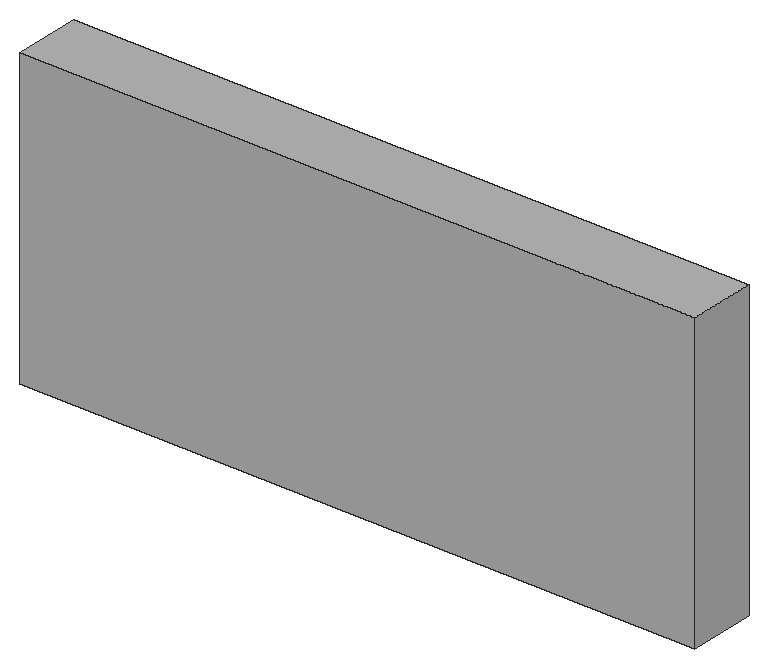
Revit family "100W x 440H R.C. Beam", category Generic Models, Revit 2020
Family settings
  Can host rebar = No
  Round Connector Dimension = Use Diameter
  Part Type = Normal
  Work Plane-Based = No
  Always vertical = Yes
  Cut with Voids When Loaded = No
  Shared = No
  Room Calculation Point = No
Parameters
  Weight = "106Kg/m"
  Warranty Guarantor Parts = "n/a"
  Warranty Guarantor Labour = "n/a"
  Warranty Duration Unit = "n/a"
  Warranty Duration Parts = "n/a"
  Warranty Duration Labour = "n/a"
  Warranty Description = "n/a"
  URL = "www.killeshal.com"
  Types = "Single"
  Type Comments = "Visit our website for a full list of available products."
  Sustainability Performance = "n/a"
  Structural Class = "n/a"
  Span = "Beam Length"
  Slope = "0.00°"
  Size = "100mm x 440mm"
  Shape = "Rectangular"
  Service Life = "0.000000"
  Serial Number = "n/a"
  Resistance to Fire = "Method 3. Design specification."
  Replacement Cost = "n/a"
  Reference = "n/a"
  Notified Body = "National Standards Authority of Ireland (NSAI)."
  Nominal Cover to Main Bar = "40mm"
  Model = "L/450 Concrete Beam"
  Mechanical Resistance = "Method 3. Design specification."
  Manufacturer = "Killeshal Precast Concrete Ltd."
  Load Bearing = yes
  Life Cycle Environmental Load = "n/a"
  Length Options = "All sizes available on request."
  Keynote = "The information contained is the sole property of KPC Ltd., any reproduction in part or whole without permission of KPC Ltd. is prohibited."
  Environmental Product Declaration = "n/a"
  Environmental Class = "n/a"
  Durability against Corrosion = "Design specification and critical dimensions as per product drawings."
  Dimension Accuracy Class = "I.S. EN 13225:2013"
  Detailing = "As per design specification and product drawings."
  Description = "100W x 440H R.C. Beam"
  Default Elevation = 0 mm
  Dangerous Substances = "No Exposure."
  Contact Tel = "0035357 9353018"
  Contact Email = "sales@killeshal.com"
  Construction Type = "Precast"
  Construction Tolerance Class = "I.S. EN 13225:2013"
  Compressive Strength of Concrete = "40N/mm²"
  Characteristics of Reinforcing Steel = "Ultimate Tensile Strength (UTS) 650Mpa. Tensile Yield Strength: 500Mpa."
  Characteristics Deflection Under Load = "Dependant on Length."
  Beam Width [instance] = 100 mm
  Beam Length [instance] = 1000 mm
  Beam Height [instance] = 440 mm
Reference planes
  plane 1 "Center (Front/Back)": y = 0
  plane 2: z = 0
  plane 3 "Center (Left/Right)": x = 0
  plane 4 "Rear": y = 50
  plane 5 "Front": y = -50
  plane 6 "Top": z = 440
Forms (mm)
  Extrusion 1, solid, material "Precast Concrete (KPC)"
    sketch origin (0, 0, 0) x (0, 1, 0) y (0, 0, 1)
      loop
        line (50, 0) -> (50, 440) -> (-50, 440) -> (-50, 0) -> (50, 0)
    from 0 to 1000
Dimensions and locks
  "Beam Width": Extrusion 1 to Extrusion 1
  "Beam Height": Extrusion 1 to Extrusion 1
  "Beam Length": Extrusion 1 to Extrusion 1
  aligned and locked: level to plane 2
Automatic sketch dimensions
  Extrusion 1 sketch curve to level = 0 mm
  Extrusion 1 sketch curve to plane 5 "Front" = 0 mm
  Extrusion 1 sketch curve to plane 4 "Rear" = 0 mm
  Extrusion 1 sketch curve to plane 6 "Top" = 0 mm
